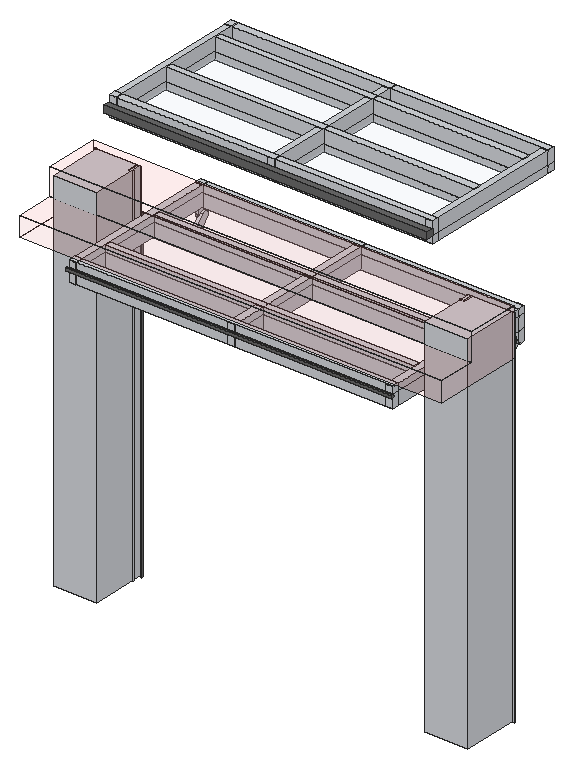
Revit family "Door_Overhead-Fold_CarriageHouse_Urban-Mid-Fold_Glazed", category Doors, host Wall, Revit 2026
Family settings
  Host = Wall
  Classification Number = 23.30.10.17.37
  Always vertical = Yes
  Cut with Voids When Loaded = No
  Shared = No
  Room Calculation Point = No
Parameters (values of type "Manual Operation")
  Weatherstripping Color [instance] = Finish - Black
  URL = "https://www.carriagedoor.com/"
  Thickness = 0' - 0"  # constant formula
  Rough Width = 0' - 0"  # constant formula
  Rough Height = 0' - 0"  # constant formula
  Projection_Interior [instance] = -(((Opening Height * 0.51) / 2) + 0' 2 1/2")  # -2' - 2.98"
  Projection_Exterior [instance] = (Opening Height * 0.51) + Projection_Interior  # 1' - 9.98"
  Product Data = "https://www.arcat.com/arcatcos/cos42/arc42007.html"
  Panel Width [instance] = Opening Width - 0' 1"  # 7' - 11"
  Panel Height [instance] = Opening Height - 0' 0 1/2"  # 7' - 11 1/2"
  Opening Width [instance] = 8' - 0"
  Opening Height [instance] = 8' - 0"
  Motorized = no
  Model = "as Specified"
  Max Width [instance] = 90' - 0"  # constant formula
  Max Height [instance] = 30' - 0"  # constant formula
  Manufacturer = "Carriage House"
  Keynote = "8000"
  Height = 0' - 0"  # constant formula
  Headroom Clearance Visible [instance] = yes
  Glazing Tint [instance] = Glass - Clear
  Glazing Thickness [instance] = 0' - 0"
  Function = Interior
  Fire Rating = "as Specified"
  Face Thickness_Exterior [instance] = 0' - 2"
  Door Open Position [instance] = not(Door Closed Position)  # yes
  Door Closed Position [instance] = no
  Description = "Renlita Overhead Folding Door - S-3000 as Specified"
  Wall Closure = By host
  Width = 0' - 0"  # constant formula
  Copyright = "©Arcat Inc."
  Clear Opening Width [instance] = Opening Width - 0' 5"  # 7' - 7"
  Clear Opening Height [instance] = 0' - 0"
  Assembly Code = "B2030"
Types (2): name | Projection_Interior | Projection_Exterior | Panel Height | Opening Height | Motorized | Glazing Thickness
  Manual Operation | -2' - 2.98" | 1' - 9.98" | 7' - 11 1/2" | 8' - 0" | no | 0' - 0"
  Motorized | -3' - 3.22" | 2' - 10.22" | 11' - 11 1/2" | 12' - 0" | yes | 0' - 0 1/4"
Reference planes (in)
  plane 1 "Center (Front/Back)": y = 1.6426
  plane 2: z = 0
  plane 3 "Center (Left/Right)": x = -0.5
  plane 4 "Left": x = -48.5
  plane 5 "Right": x = 47.5
  plane 6 "Bottom": z = 0
  plane 7 "Wall Interior": y = -1.3574
  plane 8 "Wall Exterior": y = 4.6426
  plane 9: z = 96
  plane 10: x = -48
  plane 11: x = 47
  plane 12: z = 95.5
  plane 13: z = 93.5
  plane 14: z = 89.5
  plane 15: z = 84.5
  plane 16: z = 90.5
  plane 17: z = 83.5
Forms (in)
  Extrusion 1, void
    sketch origin (-64.1465, -1.3574, 48) x (1, 0, 0) y (0, 0, 1)
      loop
        line (66.6465, -48) -> (66.6465, -45) -> (60.6465, -45) -> (60.6465, -48) -> (66.6465, -48)
    from 0 to 12.04688
  Extrusion 2, void
    sketch origin (-64.1465, -1.3574, 48) x (-1, 0, 0) y (0, 0, 1)
      loop
        line (-58.6465, -48) -> (-56.6465, -48) -> (-56.6465, -47) -> (-58.6465, -47) -> (-58.6465, -48)
    from -26.98 <- "Projection_Interior" to 21.98 <- "Projection_Exterior"
  Extrusion 3, void
    sketch origin (-64.1465, -1.3574, 48) x (-1, 0, 0) y (0, 0, 1)
      loop
        line (-64.8965, -48) -> (-64.8965, -47) -> (-66.8965, -47) -> (-66.8965, -48) -> (-64.8965, -48)
    from 32.22 to -1.875
Lines and regions (in)
  Opening 1
    outline origin (-60, -1.3574, 0) x (1, 0, 0) y (0, 0, 1)
      loop
        line (11.5, 0) -> (107.5, 0) -> (59.5, 0) -> (11.5, 0)
  Opening 2
    outline origin (-60, -1.3574, 0) x (1, 0, 0) y (0, 0, 1)
      loop
        line (11.5, 96) -> (11.5, 0) -> (107.5, 0) -> (107.5, 96) -> (11.5, 96)
Text (in)
  text "EXTERIOR" at (-58.6888, 13.80127, 0), in view "Plan"
  text "INTERIOR" at (-58.6888, -8.43329, 0), in view "Plan"
  text "Exterior" at (0, 43.65631, 123.19604), in view "Left"
  text "Exterior" at (0, 18.29385, 125.04747), in view "Right"
Dimensions and locks (in)
  equal spacing: plane 4 "Left", plane 3 "Center (Left/Right)", plane 5 "Right"
  "Opening Width": plane 4 "Left" to plane 5 "Right"
  "Opening Height": plane 9 to plane 6 "Bottom"
  equal spacing: plane 10, plane 3 "Center (Left/Right)", plane 11
  "Panel Width": plane 10 to plane 11
  locked: plane 9 to plane 12 at 0.5
  "Face Thickness_Exterior": plane 13 to plane 12
  plane 14 to plane 13 = 0' - 4"
  locked: plane 15 to plane 14 at 5
  locked: plane 14 to plane 16 at 1
  locked: plane 17 to plane 15 at 1
  nested 5 to plane 17 = 4' - 0"
  aligned and locked: plane 2 to level
  aligned and locked: plane 6 "Bottom" to plane 2
  aligned and locked: host wall to plane 1 "Center (Front/Back)"
  aligned and locked: plane 7 "Wall Interior" to host wall
  aligned and locked: plane 8 "Wall Exterior" to host wall
  aligned and locked: Opening 2 sketch curve to plane 9
  aligned and locked: Opening 2 sketch curve to plane 4 "Left"
  aligned and locked: Opening 2 sketch curve to plane 6 "Bottom"
  aligned and locked: plane 5 "Right" to Opening 2 sketch curve
  aligned and locked: nested 1 to Extrusion 1
  aligned and locked: plane 3 "Center (Left/Right)" to nested 1
  aligned and locked: nested 2 to Extrusion 3
  aligned and locked: Extrusion 3 to nested 3
  aligned and locked: nested 4 to Extrusion 2
  aligned and locked: nested 3 to plane 12
  aligned and locked: plane 16 to nested 4
  aligned and locked: nested 1 to plane 15
  aligned and locked: nested 5 to Extrusion 3
Automatic sketch dimensions
  Opening 1 sketch curve to level = 0' - 0"
  plane 4 "Left" to Opening 1 sketch curve = 0' - 0"
  Opening 1 sketch curve to plane 3 "Center (Left/Right)" = 0' - 0"  (x2)
  plane 5 "Right" to Opening 1 sketch curve = 0' - 0"
  Extrusion 1 sketch curve to level = 0' - 0"
  Extrusion 1 sketch curve to plane 3 "Center (Left/Right)" = 0' - 3"
  plane 3 "Center (Left/Right)" to Extrusion 1 sketch curve = 0' - 3"
  level to Extrusion 1 sketch curve = 0' - 3"
  Extrusion 2 sketch curve to Extrusion 1 = 0' - 0"
  Extrusion 1 to Extrusion 2 sketch curve = 0' - 4"
  Extrusion 2 sketch curve to Extrusion 2 sketch curve = 0' - 2"
  Extrusion 2 sketch curve to Extrusion 1 = 0' - 1"
  Extrusion 3 sketch curve to Extrusion 1 = 0' - 0"
  Extrusion 3 sketch curve to Extrusion 1 = 0' - 1 3/4"
  Extrusion 1 to Extrusion 3 sketch curve = 0' - 0 1/4"
  Extrusion 3 sketch curve to Extrusion 1 = 0' - 1"
Nested families (in)
  nested 1: "s3000Frame" at (-0.5, -1.3574, 0), motorized <- "Motorized", headroom clearance <- "Headroom Clearance Visible", door up <- "Door Open Position", door down <- "Door Closed Position", op width <- "Opening Width", op height <- "Opening Height", exterior face thickness <- "Face Thickness_Exterior", weatherstripping color <- "Weatherstripping Color", type "s3000Frame"
    with weatherstripping color Finish - Black, sizecalc_weighttotal 768, sizecalc_steel total 2713.7809, sizecalc_pullysize 6, sizecalc_paneltop 4' - 0.96", sizecalc_panelbottom 3' - 10.665", sizecalc_jambwidth 13.8101, sizecalc_jambdepth 16.0038, sizecalc_headroomreq 14, sizecalc_glass weight 448, sizecalc_door weight 320, sizecalc_counter travel 39.51, sizecalc_counter size 7.8101, sizecalc_counter height 44.49, sizecalc_counter area 60.9975, sizecalc_axleup 0, sizecalc_axledown 0, shroud backset 0' - 0 1/4", pullysize 0' - 6", panel frame thickness 0' - 4", op width 8' - 0", op height 8' - 0", motorized no, jamb width 1' - 2", jamb depth 1' - 4", interior projection 2' - 2.98", headroom required 1' - 2", headroom clearance yes, frame finish none, exterior projection 1' - 9.98", exterior face thickness 0' - 2", door up yes, door rise 0' - 6", door down no, counterweightheight 3' - 8.49", clearance material ARCAT Clearance, camup no, camdown no, Frame Material none
  nested 2: "s3000PanelGlazedBottom" at (-0.5, -0.2324, 0) x (-1, 0, 0) z (0, 0, 1), motorized <- "Motorized", weatherstripping <- "Weatherstripping Color", Glazing Tint <- "Glazing Tint", glazing thickness <- "Glazing Thickness", Width <- "Opening Width", Exterior Face Thickness <- "Face Thickness_Exterior", Height <- "Opening Height", visible <- "Door Closed Position", type "Frame with Windows"
    with weatherstripping Finish - Black, verticalcontrol 3, railwidth 7' - 7", railheightthickness 0' - 3 15/16", railheightfacethickness 0' - 1 15/16", rail height 3' - 8.415", op width 8' - 0", negloc -0' - 0 3/8", motorized no, midrailvis yes, midrailcount 1.5925, midrailcontrol 2, interiorswing 0' - 0", glazing thickness 0' - 0", frame finish none, borderrailwidth 7' - 11", actualheight 3' - 10.665", actualglazingthickness -0' - 0 5/8", Width 8' - 0", Vertical Count 3, MidRail Count 2, Interior Face Thickness 0' - 0 1/2", Interior Face Material none, Interior Face yes, Height 8' - 0", Glazing Tint Glass - Clear, Frame Thickness 0' - 4", Frame Material none, Exterior Face Thickness 0' - 2", Exterior Face Material none
  nested 3: "s3000PanelGlazedTop" at (-0.5, -0.2324, 47.04), motorized <- "Motorized", weatherstripping <- "Weatherstripping Color", Glazing Tint <- "Glazing Tint", glazing thickness <- "Glazing Thickness", Width <- "Opening Width", Height <- "Opening Height", Exterior Face Thickness <- "Face Thickness_Exterior", visible <- "Door Closed Position", type "Frame with Windows"
    with weatherstripping Finish - Black, verticalcontrol 3, railwidth 7' - 7", railheightthickness 0' - 3 15/16", railheightfacethickness 0' - 1 15/16", rail height 8' - 0", op width 8' - 0", negloc -0' - 0 3/8", motorized no, midrailvis yes, midrailcount 1.6922, midrailcontrol 2, interiorswing 0' - 0", glazing thickness 0' - 0", frame finish none, borderrailwidth 7' - 11", actualheight 4' - 0.46", actualglazingthickness -0' - 0 5/8", Width 8' - 0", Vertical Count 3, Up no, MidRail Count 2, Interior Face Thickness 0' - 0 1/2", Interior Face Material none, Interior Face yes, Height 8' - 0", Glazing Tint Glass - Clear, Frame Thickness 0' - 4", Frame Material none, Exterior Face Thickness 0' - 2", Exterior Face Material none
  nested 4: "s3000PanelGlazedTop" at (-0.5, 20.1226, 93.5) x (1, 0, 0) z (0, -1, 0), motorized <- "Motorized", weatherstripping <- "Weatherstripping Color", Glazing Tint <- "Glazing Tint", glazing thickness <- "Glazing Thickness", Width <- "Opening Width", Height <- "Opening Height", Exterior Face Thickness <- "Face Thickness_Exterior", visible <- "Door Open Position", type "Frame with Windows"
    with weatherstripping Finish - Black, verticalcontrol 3, railwidth 7' - 7", railheightthickness 0' - 3 15/16", railheightfacethickness 0' - 1 15/16", rail height 8' - 0", op width 8' - 0", negloc -0' - 0 3/8", motorized no, midrailvis yes, midrailcount 1.6922, midrailcontrol 2, interiorswing 0' - 0", glazing thickness 0' - 0", frame finish none, borderrailwidth 7' - 11", actualheight 4' - 0.46", actualglazingthickness -0' - 0 5/8", Width 8' - 0", Vertical Count 3, Up yes, MidRail Count 2, Interior Face Thickness 0' - 0 1/2", Interior Face Material none, Interior Face yes, Height 8' - 0", Glazing Tint Glass - Clear, Frame Thickness 0' - 4", Frame Material none, Exterior Face Thickness 0' - 2", Exterior Face Material none
  nested 5: "s3000PanelGlazedBottom" at (-0.5, -15.8024, 128.5) x (-1, 0, 0) z (0, 1, 0), weatherstripping <- "Weatherstripping Color", Glazing Tint <- "Glazing Tint", glazing thickness <- "Glazing Thickness", Width <- "Opening Width", Exterior Face Thickness <- "Face Thickness_Exterior", Height <- "Opening Height", visible <- "Door Open Position", type "Frame with Windows"
    with weatherstripping Finish - Black, verticalcontrol 3, railwidth 7' - 7", railheightthickness 0' - 3 15/16", railheightfacethickness 0' - 1 15/16", rail height 3' - 8.415", op width 8' - 0", negloc -0' - 0 3/8", motorized no, midrailvis yes, midrailcount 1.5925, midrailcontrol 2, interiorswing 0' - 0", glazing thickness 0' - 0", frame finish none, borderrailwidth 7' - 11", actualheight 3' - 10.665", actualglazingthickness -0' - 0 5/8", Width 8' - 0", Vertical Count 3, MidRail Count 2, Interior Face Thickness 0' - 0 1/2", Interior Face Material none, Interior Face yes, Height 8' - 0", Glazing Tint Glass - Clear, Frame Thickness 0' - 4", Frame Material none, Exterior Face Thickness 0' - 2", Exterior Face Material none
Definition of nested family "s3000Frame"
  Parameters
    weatherstripping color [instance] = none
    sizecalc_weighttotal [instance] = sizecalc_door weight + sizecalc_glass weight  # 1323
    sizecalc_steel total [instance] = sizecalc_weighttotal / 0.283  # 4674.9117
    sizecalc_pullysize [instance] = if(sizecalc_weighttotal / 2 < 400, 6, if(sizecalc_weighttotal / 2 < 1200, 8, if(sizecalc_weighttotal / 2 < 2400, 10, 14)))  # 8
    sizecalc_paneltop [instance] = (op height * 0.51)  # 5' - 4.26"
    sizecalc_panelbottom [instance] = op height - sizecalc_paneltop - 0' 0 3/8"  # 5' - 1.365"
    sizecalc_jambwidth [instance] = sizecalc_counter size + 6  # 14.8872
    sizecalc_jambdepth [instance] = ((op height / 0' 1") ^ 0.4385) * 2.1627  # 18.0305
    sizecalc_headroomreq [instance] = sizecalc_pullysize + 8  # 16
    sizecalc_glass weight [instance] = (((op width / 1' 0") * (op height / 1' 0"))) * 7  # 771.75
    sizecalc_door weight [instance] = (((op width / 1' 0") * (op height / 1' 0"))) * 5  # 551.25
    sizecalc_counter travel [instance] = (sizecalc_paneltop / 0' 1") - 9.45  # 54.81
    sizecalc_counter size [instance] = sqrt(sizecalc_counter area)  # 8.8872
    sizecalc_counter height [instance] = (op height / 0' 1") - sizecalc_counter travel - 12  # 59.19
    sizecalc_counter area [instance] = sizecalc_steel total / sizecalc_counter height  # 78.9814
    sizecalc_axleup [instance] = 0  # constant formula
    sizecalc_axledown [instance] = 0  # constant formula
    shroud backset [instance] = if(motorized, 0' 1 5/16", 0' 0 1/4")  # 0' - 1 5/16"
    pullysize [instance] = sizecalc_pullysize * 0' 1"  # 0' - 8"
    panel frame thickness [instance] = if(op width < 8' 0", 0' 3", if(op width < 14' 0", 0' 4", if(op width < 20' 0", 0' 5", if(op width < 26' 0", 0' 6", 0' 8"))))  # 0' - 4"
    op width [instance] = 10' - 6"
    op height [instance] = 10' - 6"
    motorized [instance] = yes
    jamb width [instance] = round(sizecalc_jambwidth) * 0' 1"  # 1' - 3"
    jamb depth [instance] = rounddown(sizecalc_jambdepth) * 0' 1"  # 1' - 6"
    interior projection [instance] = (sizecalc_paneltop / 2) + 0' 2 1/2"  # 2' - 10.63"
    headroom required [instance] = sizecalc_headroomreq * 0' 1"  # 1' - 4"
    headroom clearance [instance] = yes
    frame finish [instance] = none
    exterior projection [instance] = sizecalc_paneltop - interior projection  # 2' - 5.63"
    exterior face thickness [instance] = 0' - 2 3/8"
    door up [instance] = yes
    door rise [instance] = round(((op height / 0' 1") * 0.05) + 0.97) * 0' 1"  # 0' - 7"
    door down [instance] = yes
    counterweightheight [instance] = sizecalc_counter height * 0' 1"  # 4' - 11.19"
    clearance material [instance] = none
    camup [instance] = and(motorized, door up)  # yes
    camdown [instance] = and(motorized, door down)  # yes
    Frame Material [instance] = none
    Default Elevation = 0' - 0"
  Reference planes (in)
    plane 1 "Center (Front/Back)": y = 0
    plane 2: z = 0
    plane 3 "Center (Left/Right)": x = 0
    plane 4: x = -63
    plane 5: x = 63
    plane 6: x = -78
    plane 7: x = -77
    plane 8: x = 78
    plane 9: x = 77
    plane 10: x = -64.3125
    plane 11: x = 64.3125
    plane 12: y = -18
    plane 13: z = 126
    plane 14: z = 142
    plane 15: z = 138
    plane 16: y = -34.63
    plane 17: y = 29.63
    plane 18: z = 133
    plane 19: x = -62.5
    plane 20: x = 62.5
    plane 21: x = -60.5
    plane 22: x = 60.5
    plane 23: y = -4
    plane 24: z = 125.5
    plane 25: z = 123.125
    plane 26: z = 119.125
    plane 27: z = 114.125
  Forms (in)
    Extrusion 1, solid, material <- "frame finish"
      sketch origin (0, 0, 0) x (1, 0, 0) y (0, 1, 0)
        loop
          line (-63, 0) -> (-65.375, 0) -> (-65.375, -2.875) -> (-63, -2.875) -> (-63, -2.75) -> (-65.25, -2.75) -> (-65.25, -0.125) -> (-63, -0.125) -> (-63, 0)
        loop
          line (63, 0) -> (63, -0.125) -> (65.25, -0.125) -> (65.25, -2.75) -> (63, -2.75) -> (63, -2.875) -> (65.375, -2.875) -> (65.375, 0) -> (63, 0)
      from 0 to 138
    Extrusion 2, solid, material <- "frame finish"
      sketch origin (0, 0, 0) x (1, 0, 0) y (0, 1, 0)
        loop
          line (-78, 0) -> (-78, -0.0625) -> (-77, -0.0625) -> (-77, -18) -> (-64.3125, -18) -> (-64.3125, 0) -> (-78, 0)
        loop
          line (78, 0) -> (64.3125, 0) -> (64.3125, -18) -> (77, -18) -> (77, -0.0625) -> (78, -0.0625) -> (78, 0)
      from 0 to 138
    Extrusion 3, solid, material <- "frame finish", visible <- "motorized"
      sketch origin (0, 0, 0) x (1, 0, 0) y (0, 1, 0)
        loop
          line (-64, -2.875) -> (-66, -2.875) -> (-66, -4.875) -> (-64, -4.875) -> (-64, -2.875)
        loop
          line (64, -2.875) -> (64, -4.875) -> (66, -4.875) -> (66, -2.875) -> (64, -2.875)
      from 0 to 138
    Extrusion 4, solid, material <- "frame finish", visible <- "motorized"
      sketch origin (0, 0, 0) x (1, 0, 0) y (0, 1, 0)
        loop
          line (-66, -4.875) -> (-66, -8.875) -> (-64, -8.875) -> (-64, -7.75) -> (-64.125, -7.75) -> (-64.125, -8.75) -> (-65.875, -8.75) -> (-65.875, -5) -> (-64.125, -5) -> (-64.125, -6) -> (-64, -6) -> (-64, -4.875) -> (-66, -4.875)
        loop
          line (66, -4.875) -> (64, -4.875) -> (64, -6) -> (64.125, -6) -> (64.125, -5) -> (65.875, -5) -> (65.875, -8.75) -> (64.125, -8.75) -> (64.125, -7.75) -> (64, -7.75) -> (64, -8.875) -> (66, -8.875) -> (66, -4.875)
      from 0 to 138
    Extrusion 5, solid, material <- "frame finish", visible <- "motorized"
      sketch origin (0, 0, 0) x (0, 1, 0) y (0, 0, 1)
        loop
          circle (-6.875, 136) r 0.8125
      from -64.3125 to 64.3125
    Extrusion 6, solid, material <- "weatherstripping color"
      sketch origin (0, 0, 0) x (1, 0, 0) y (0, 1, 0)
        loop
          line (-63, 0) -> (-63, -0.25) -> (-62.5, -0.25) -> (-62.5, 0) -> (-63, 0)
        loop
          line (63, 0) -> (62.5, 0) -> (62.5, -0.25) -> (63, -0.25) -> (63, 0)
      from 0 to 126
    Extrusion 7, solid, material <- "clearance material", visible <- "headroom clearance"
      sketch origin (0, 0, 0) x (0, 1, 0) y (0, 0, 1)
        loop
          line (0, 126) -> (0, 142) -> (-18, 142) -> (-18, 133) -> (-34.63, 133) -> (-34.63, 126) -> (0, 126)
      from -78 to 78
    Sweep 8, solid, material <- "Frame Material", visible <- "camup"
      path origin (-60, -6.48459, 137.23091) x (-1, 0, 0) y (0, 0, 1)
        loop
          line (2.5, -23.10591) -> (0.5, -23.10591)
      profile origin (-61.5, -6.48459, 114.125) x (0, 0, -1) y (0, 1, 0)
        loop
          line (-2.43714, 1.36129) -> (-4.6462, -9.03153) -> (0, -10.01911) -> (0.07797, -9.6523) -> (-2.12287, -9.1845) -> (0.00823, 0.84151) -> (-2.43714, 1.36129)
        loop
          line (-4.20143, -8.74269) -> (-2.48967, -9.10654) -> (-0.43654, 0.55267) -> (-2.1483, 0.91652) -> (-4.20143, -8.74269)
    Sweep 9, solid, material <- "Frame Material", visible <- "camup"
      path origin (60, -6.48459, 137.23091) x (1, 0, 0) y (0, 0, -1)
        loop
          line (2.5, 23.10591) -> (0.5, 23.10591)
      profile origin (61.5, -6.48459, 114.125) x (0, 0, 1) y (0, 1, 0)
        loop
          line (2.43714, 1.36129) -> (-0.00823, 0.84151) -> (2.12287, -9.1845) -> (-0.07797, -9.6523) -> (0, -10.01911) -> (4.6462, -9.03153) -> (2.43714, 1.36129)
        loop
          line (4.20143, -8.74269) -> (2.1483, 0.91652) -> (0.43654, 0.55267) -> (2.48967, -9.10654) -> (4.20143, -8.74269)
  Lines and regions (in)
    reference lines
      curve 1: line (-63, 0, 0) -> (-77, -18, 0)
      curve 2: line (63, 0, 0) -> (77, -18, 0)
  Dimensions and locks (in)
    equal spacing: plane 4, plane 3 "Center (Left/Right)", plane 5
    "op width": plane 4 to plane 5
    "jamb width": plane 6 to plane 4
    plane 6 to plane 7 = 0' - 1"
    "shroud backset": plane 10 to plane 4
    "shroud backset": plane 5 to plane 11
    plane 9 to plane 8 = 0' - 1"
    "jamb width": plane 5 to plane 8
    "jamb depth": plane 12 to plane 1 "Center (Front/Back)"
    Extrusion 3 sketch curve to Extrusion 3 sketch curve to plane 4 = 0' - 2" locked, 0' - 1" locked
    plane 5 to Extrusion 3 sketch curve to Extrusion 3 sketch curve = 0' - 1" locked, 0' - 2" locked
    Extrusion 4 sketch curve to Extrusion 4 sketch curve to Extrusion 4 sketch curve to Extrusion 4 sketch curve to plane 4 = 0' - 0 1/8" locked, 0' - 1 3/4" locked, 0' - 0 1/8" locked, 0' - 1" locked
    Extrusion 4 sketch curve to Extrusion 4 sketch curve to plane 4 = 0' - 0 1/8" locked, 0' - 1" locked
    plane 5 to Extrusion 4 sketch curve to Extrusion 4 sketch curve to Extrusion 4 sketch curve to Extrusion 4 sketch curve = 0' - 1" locked, 0' - 0 1/8" locked, 0' - 1 3/4" locked, 0' - 0 1/8" locked
    plane 5 to Extrusion 4 sketch curve to Extrusion 4 sketch curve = 0' - 1" locked, 0' - 0 1/8" locked
    "op height": plane 13 to level
    "exterior projection": plane 1 "Center (Front/Back)" to plane 17
    "interior projection": plane 16 to plane 1 "Center (Front/Back)"
    "door rise": plane 18 to plane 13
    locked: plane 4 to plane 19 at 0.5
    locked: plane 20 to plane 5 at 0.5
    locked: plane 21 to plane 19 at 2
    locked: plane 22 to plane 20 at 2
    "panel frame thickness": plane 23 to plane 1 "Center (Front/Back)"
    Extrusion 4 sketch curve to Extrusion 4 sketch curve to Extrusion 4 sketch curve to Extrusion 4 sketch curve to Extrusion 4 sketch curve to Extrusion 4 sketch curve to plane 1 "Center (Front/Back)" = 0' - 0 1/8" locked, 0' - 1" locked, 0' - 1 3/4" locked, 0' - 1" locked, 0' - 0 1/8" locked, 0' - 4 7/8" locked  (x2)
    Extrusion 3 sketch curve to Extrusion 3 sketch curve to plane 1 "Center (Front/Back)" = 0' - 2" locked, 0' - 2 7/8" locked  (x2)
    Extrusion 1 sketch curve to Extrusion 1 sketch curve to Extrusion 1 sketch curve to plane 1 "Center (Front/Back)" = 0' - 0 1/8" locked, 0' - 2 5/8" locked, 0' - 0 1/8" locked  (x2)
    locked: plane 15 to Extrusion 5 sketch curve at 2
    locked: Extrusion 5 sketch curve to plane 1 "Center (Front/Back)" at 6.875
    locked: Extrusion 6 sketch curve to plane 1 "Center (Front/Back)" at 0.25  (x2)
    locked: plane 15 to plane 13 at 12
    "headroom required": plane 14 to plane 13
    locked: plane 13 to plane 24 at 0.5
    "exterior face thickness": plane 24 to plane 25
    "panel frame thickness": plane 25 to plane 26
    locked: plane 26 to plane 27 at 5
    aligned and locked: plane 2 to level
    aligned and locked: Extrusion 2 sketch curve to plane 10
    aligned and locked: Extrusion 2 sketch curve to plane 12
    aligned and locked: Extrusion 2 sketch curve to plane 7
    aligned and locked: Extrusion 2 sketch curve to plane 6
    aligned and locked: plane 8 to Extrusion 2 sketch curve
    aligned and locked: plane 9 to Extrusion 2 sketch curve
    aligned and locked: Extrusion 2 sketch curve to plane 11
    aligned and locked: plane 15 to Extrusion 2
    aligned and locked: plane 15 to Extrusion 4
    aligned and locked: plane 15 to Extrusion 3
    aligned and locked: plane 15 to Extrusion 1
    aligned and locked: plane 11 to Extrusion 5
    aligned and locked: Extrusion 5 to plane 10
    aligned and locked: curve 1 to plane 7
    aligned and locked: plane 12 to curve 1
    aligned and locked: plane 4 to curve 1
    aligned and locked: curve 1 to plane 1 "Center (Front/Back)"
    aligned and locked: plane 9 to curve 2
    aligned and locked: curve 2 to plane 12
    aligned and locked: plane 5 to curve 2
    aligned and locked: plane 1 "Center (Front/Back)" to curve 2
    aligned and locked: Extrusion 6 sketch curve to plane 19
    aligned and locked: plane 4 to Extrusion 6 sketch curve
    aligned and locked: Extrusion 6 sketch curve to plane 1 "Center (Front/Back)"  (x2)
    aligned and locked: plane 20 to Extrusion 6 sketch curve
    aligned and locked: plane 5 to Extrusion 6 sketch curve
    aligned and locked: plane 13 to Extrusion 6
    aligned and locked: plane 1 "Center (Front/Back)" to Extrusion 7 sketch curve
    aligned and locked: Extrusion 7 sketch curve to plane 12
    aligned and locked: plane 18 to Extrusion 7 sketch curve
    aligned and locked: Extrusion 7 sketch curve to plane 13
    aligned and locked: Extrusion 7 sketch curve to plane 16
    aligned and locked: plane 14 to Extrusion 7 sketch curve
    aligned and locked: plane 8 to Extrusion 7
    aligned and locked: Extrusion 7 to plane 6
    aligned and locked: plane 27 to Sweep 8 sketch curve
    aligned and locked: plane 19 to Sweep 8 sketch curve
    aligned and locked: Sweep 8 sketch curve to plane 21
    aligned and locked: plane 27 to Sweep 9 sketch curve
    aligned and locked: plane 20 to Sweep 9 sketch curve
    aligned and locked: Sweep 9 sketch curve to plane 22
  Automatic sketch dimensions
    Extrusion 1 sketch curve to plane 1 "Center (Front/Back)" = 0' - 0"
    Extrusion 1 sketch curve to plane 4 = 0' - 0"  (x2)
    plane 1 "Center (Front/Back)" to Extrusion 1 sketch curve = 0' - 0"
    Extrusion 1 sketch curve to plane 5 = 0' - 0"  (x2)
    Extrusion 1 sketch curve to plane 10 = 0' - 0 15/16"
    Extrusion 1 sketch curve to Extrusion 1 sketch curve = 0' - 0 1/8"  (x2)
    Extrusion 1 sketch curve to plane 11 = 0' - 0 15/16"
    plane 12 to Extrusion 2 sketch curve = 0' - 0"
    Extrusion 2 sketch curve to plane 1 "Center (Front/Back)" = 0' - 0"
    plane 1 "Center (Front/Back)" to Extrusion 2 sketch curve = 0' - 0"
    plane 1 "Center (Front/Back)" to Extrusion 2 sketch curve = 0' - 0 1/16"  (x2)
    Sweep 8 sketch curve to profile plane = 0' - 0"
    profile plane to Sweep 8 sketch curve = 0' - 0.43654"
    profile plane to Sweep 8 sketch curve = 0' - 2.12287"
    profile plane to Sweep 8 sketch curve = 0' - 0.91652"
    Sweep 8 sketch curve to Sweep 8 sketch curve = 0' - 1.71176"
    Sweep 8 sketch curve to Sweep 8 sketch curve = 0' - 0.28884"  (x3)
    Sweep 8 sketch curve to Sweep 8 sketch curve = 0' - 0.36681"
    Sweep 8 sketch curve to Sweep 8 sketch curve = 0' - 0.44477"
    Sweep 8 sketch curve to profile plane = 0' - 0.00823"
    profile plane to Sweep 8 sketch curve = 0' - 0.84151"
    profile plane to Sweep 9 sketch curve = 0' - 0"
    profile plane to Sweep 9 sketch curve = 0' - 0.00823"
    profile plane to Sweep 9 sketch curve = 0' - 0.07797"
    Sweep 9 sketch curve to profile plane = 0' - 0.43654"
    Sweep 9 sketch curve to profile plane = 0' - 2.12287"
    profile plane to Sweep 9 sketch curve = 0' - 0.91652"
    Sweep 9 sketch curve to Sweep 9 sketch curve = 0' - 1.71176"
    Sweep 9 sketch curve to Sweep 9 sketch curve = 0' - 0.28884"  (x3)
    Sweep 9 sketch curve to Sweep 9 sketch curve = 0' - 0.36681"
    profile plane to Sweep 9 sketch curve = 0' - 0.84151"
    radius of Extrusion 5 sketch curve = 0' - 0 13/16"
Definition of nested family "s3000PanelGlazedBottom"
  Parameters
    weatherstripping [instance] = none
    verticalcontrol [instance] = if(Vertical Count < 2, 2, Vertical Count)  # 4
    railwidth [instance] = Width - (0' 2" * 2) - 0' 1"  # 11' - 7"
    railheightthickness [instance] = if(1 = 1, Frame Thickness - 0' 0 1/16", 0' 0")  # 0' - 3 15/16"
    railheightfacethickness [instance] = if(1 = 1, Exterior Face Thickness - 0' 0 1/16", 0' 0")  # 0' - 1 15/16"
    rail height [instance] = actualheight - Bottom Gap  # 5' - 7.935"
    op width [instance] = Width  # 12' - 0"
    negloc [instance] = -0' - 0 3/8"  # constant formula
    motorized [instance] = yes
    midrailvis [instance] = midrailcount > 1  # yes
    midrailcount [instance] = ((actualheight - 1' 6") / 1' 6")  # 2.8992
    midrailcontrol [instance] = if(MidRail Count < 2, 2, MidRail Count)  # 3
    interiorswing [instance] = 0' - 0"  # constant formula
    glazing thickness [instance] = 0' - 0 1/4"
    frame finish [instance] = none
    borderrailwidth [instance] = Width - 0' 1"  # 11' - 11"
    actualheight [instance] = Height * 0.49 - 0' 0 3/8"  # 5' - 10.185"
    actualglazingthickness [instance] = if(glazing thickness = 0' 0", negloc - 0' 0 1/4", -glazing thickness + negloc)  # -0' - 0 5/8"
    Width [instance] = 12' - 0"
    Vertical Count [instance] = Width / 3' 0"  # 4
    MidRail Count [instance] = (actualheight - 1' 6") / 1' 6"  # 3
    Interior Face Thickness [instance] = 0' - 2"
    Interior Face Material [instance] = none
    Interior Face [instance] = yes
    Height [instance] = 12' - 0"
    Glazing Tint [instance] = none
    Frame Thickness [instance] = if(op width < 8' 0", 0' 3", if(op width < 14' 0", 0' 4", if(op width < 20' 0", 0' 5", if(op width < 26' 0", 0' 6", 0' 8"))))  # 0' - 4"
    Frame Material [instance] = none
    Exterior Face Thickness [instance] = 0' - 2"
    Exterior Face Material [instance] = none
    Default Elevation = 0' - 0"  # constant formula
    Frame Spacing = 1' - 6"
    Bottom Gap = 0' - 2 1/4"
  Reference planes (in)
    plane 1 "Back": y = 0
    plane 2: z = 0
    plane 3 "Center (Left/Right)": x = 0
    plane 4: z = 70.185
    plane 5 "Left": x = -71.5
    plane 6 "Right": x = 71.5
    plane 7 "Panel Insert": y = -4
    plane 8 "Ext. Face": y = -6
    plane 9: z = 2.25
    plane 10: y = 2
    plane 11: x = 72
    plane 12: x = -72
    plane 13: y = -4
    plane 14: y = -3
  Forms (in)
    Extrusion 1, solid, material <- "weatherstripping"
      sketch origin (0, 0, 0) x (0, 1, 0) y (0, 0, 1)
        loop
          line (0, 2.25) -> (-2, 2.25) -> (-2, 0.25) -> (0, 0.25) -> (0, 2.25)
      from -71.5 to 71.5
    Extrusion 2, solid, material <- "Glazing Tint"
      sketch origin (-60, 2, 48) x (-1, 0, 0) y (0, 0, 1)
        loop
          line (9.9375, -44.1875) -> (9.9375, 20.6225) -> (-129.9375, 20.6225) -> (-129.9375, -44.1875) -> (9.9375, -44.1875)
      from -0.625 <- "actualglazingthickness" to -0.375 <- "negloc"
    Sweep 3, solid, material <- "Frame Material", visible <- "motorized"
      path origin (60, -3.98774, 47.99084) x (1, 0, 0) y (0, 0, -1)
        loop
          line (11.5, 37.5) -> (9.5, 37.5)
      profile origin (70.5, -3.98774, 10.49084) x (0, 0, 1) y (0, 1, 0)
        loop
          line (11.3804, -2.43714) -> (10.86062, 0.00823) -> (0.83461, -2.12287) -> (0.36681, 0.07797) -> (0, 0) -> (0.98758, -4.6462) -> (11.3804, -2.43714)
        loop
          line (1.27642, -4.20143) -> (10.93563, -2.1483) -> (10.57178, -0.43654) -> (0.91257, -2.48967) -> (1.27642, -4.20143)
    Sweep 4, solid, material <- "Frame Material", visible <- "motorized"
      path origin (-60, -3.98774, 47.99084) x (-1, 0, 0) y (0, 0, 1)
        loop
          line (11.5, -37.5) -> (9.5, -37.5)
      profile origin (-70.5, -3.98774, 10.49084) x (0, 0, -1) y (0, 1, 0)
        loop
          line (-11.3804, -2.43714) -> (-0.98758, -4.6462) -> (0, 0) -> (-0.36681, 0.07797) -> (-0.83461, -2.12287) -> (-10.86062, 0.00823) -> (-11.3804, -2.43714)
        loop
          line (-1.27642, -4.20143) -> (-0.91257, -2.48967) -> (-10.57178, -0.43654) -> (-10.93563, -2.1483) -> (-1.27642, -4.20143)
  Lines and regions (in)
    model lines
      curve 1: line (-71.5, 2, 2.25) -> (0, 2, 70.185)
      curve 2: line (0, 2, 70.185) -> (71.5, 2, 2.25)
      curve 3: line (-71.5, -4, 2.25) -> (0, -4, 70.185)
      curve 4: line (0, -4, 70.185) -> (71.5, -4, 2.25)
  Dimensions and locks (in)
    equal spacing: plane 6 "Right", plane 3 "Center (Left/Right)", plane 5 "Left"
    "Width": plane 11 to plane 12
    "actualheight": plane 4 to level
    "Frame Thickness": plane 7 "Panel Insert" to plane 1 "Back"
    locked: plane 7 "Panel Insert" to plane 8 "Ext. Face" at 2
    "Bottom Gap": plane 9 to level
    equal spacing: group 1, group 2, group 3  (x3)
    "Exterior Face Thickness": plane 1 "Back" to plane 10
    locked: Extrusion 1 sketch curve to plane 1 "Back" at 2
    locked: plane 9 to Extrusion 1 sketch curve at 2
    locked: plane 11 to plane 6 "Right" at 0.5
    locked: plane 5 "Left" to plane 12 at 0.5
    "interiorswing": plane 7 "Panel Insert" to plane 13
    equal spacing: group 5, group 7, group 6, group 4
    equal spacing: group 4, group 6, group 7, group 5  (x2)
    locked: plane 6 "Right" to Extrusion 2 sketch curve at 1.5625
    locked: Extrusion 2 sketch curve to plane 9 at 1.5625
    locked: Extrusion 2 sketch curve to plane 5 "Left" at 1.5625
    locked: plane 4 to Extrusion 2 sketch curve at 1.5625
    "Frame Spacing": nested 1 to plane 9
    "Frame Spacing": nested 2 to nested 1
    locked: Sweep 3 sketch curve to level at 10.49084
    locked: plane 6 "Right" to Sweep 3 sketch curve at 2
    locked: Sweep 4 sketch curve to level at 10.49084
    locked: Sweep 4 sketch curve to plane 5 "Left" at 2
    locked: plane 14 to plane 13 at 1
    aligned and locked: level to plane 2
    aligned and locked: nested 1 to plane 1 "Back"
    aligned and locked: Extrusion 1 to plane 5 "Left"
    aligned and locked: plane 6 "Right" to Extrusion 1
    aligned and locked: plane 3 "Center (Left/Right)" to nested 1
    aligned and locked: plane 3 "Center (Left/Right)" to nested 2
    aligned and locked: nested 4 to plane 1 "Back"
    aligned and locked: plane 3 "Center (Left/Right)" to nested 5
    aligned and locked: plane 3 "Center (Left/Right)" to nested 4
    aligned and locked: nested 6 to plane 1 "Back"
    aligned and locked: nested 6 to plane 9
    aligned and locked: nested 7 to plane 5 "Left"
    aligned and locked: plane 6 "Right" to nested 6
    aligned and locked: nested 7 to plane 9
    aligned and locked: plane 6 "Right" to Sweep 3 sketch curve
    aligned and locked: plane 5 "Left" to Sweep 4 sketch curve
    aligned and locked: plane 4 to curve 3
    aligned and locked: plane 5 "Left" to curve 3
    aligned and locked: plane 9 to curve 3
    aligned and locked: plane 4 to curve 1
    aligned and locked: plane 5 "Left" to curve 1
    aligned and locked: plane 9 to curve 1
    aligned and locked: plane 3 "Center (Left/Right)" to curve 4
    aligned and locked: plane 6 "Right" to curve 4
    aligned and locked: plane 9 to curve 4
    aligned and locked: plane 3 "Center (Left/Right)" to curve 2
    aligned and locked: plane 9 to curve 2
    aligned and locked: plane 6 "Right" to curve 2
  Automatic sketch dimensions
    Extrusion 1 sketch curve to plane 1 "Back" = 0' - 0"
    Extrusion 1 sketch curve to plane 9 = 0' - 0"
    profile plane to Sweep 3 sketch curve = 0' - 0"
    Sweep 3 sketch curve to profile plane = 0' - 0"
    profile plane to Sweep 3 sketch curve = 0' - 0.07797"
    Sweep 3 sketch curve to profile plane = 0' - 0.36681"
    Sweep 3 sketch curve to profile plane = 0' - 0.83461"
    Sweep 3 sketch curve to Sweep 3 sketch curve = 0' - 0.07797"
    Sweep 3 sketch curve to profile plane = 0' - 0.98758"
    Sweep 3 sketch curve to Sweep 3 sketch curve = 0' - 0.28884"
    Sweep 3 sketch curve to profile plane = 0' - 0.43654"
    Sweep 3 sketch curve to Sweep 3 sketch curve = 0' - 9.65921"
    profile plane to Sweep 3 sketch curve = 0' - 0.00823"
    Sweep 3 sketch curve to Sweep 3 sketch curve = 0' - 0.44477"
    Sweep 4 sketch curve to profile plane = 0' - 0"  (x2)
    profile plane to Sweep 4 sketch curve = 0' - 0.07797"
    profile plane to Sweep 4 sketch curve = 0' - 0.36681"
    profile plane to Sweep 4 sketch curve = 0' - 0.83461"
    Sweep 4 sketch curve to Sweep 4 sketch curve = 0' - 0.07797"
    profile plane to Sweep 4 sketch curve = 0' - 0.98758"
    Sweep 4 sketch curve to Sweep 4 sketch curve = 0' - 0.28884"
    Sweep 4 sketch curve to profile plane = 0' - 0.43654"
    Sweep 4 sketch curve to Sweep 4 sketch curve = 0' - 9.65921"
    profile plane to Sweep 4 sketch curve = 0' - 0.00823"
    Sweep 4 sketch curve to Sweep 4 sketch curve = 0' - 0.44477"
  Nested families (in)
    nested 1: "PanelFrameHoriz" at (0, 0, 20.25), width <- "railwidth", thickness <- "Frame Thickness", frame <- "Frame Material", face thickness <- "Exterior Face Thickness", type "PanelFrameHoriz"
      with width 11' - 7", thickness 0' - 4", frame none, face thickness 0' - 2"
    nested 2: "PanelFrameHoriz" at (0, 0, 38.25), width <- "railwidth", thickness <- "Frame Thickness", frame <- "Frame Material", face thickness <- "Exterior Face Thickness", type "PanelFrameHoriz"
      with width 11' - 7", thickness 0' - 4", frame none, face thickness 0' - 2"
    nested 3: "PanelFrameHoriz" at (0, 0, 56.25), width <- "railwidth", thickness <- "Frame Thickness", frame <- "Frame Material", face thickness <- "Exterior Face Thickness", type "PanelFrameHoriz"
      with width 11' - 7", thickness 0' - 4", frame none, face thickness 0' - 2"
    nested 4: "PanelFrameHoriz" at (0, 0, 2.25), frame <- "Frame Material", width <- "borderrailwidth", thickness <- "Frame Thickness", face thickness <- "Exterior Face Thickness", type "PanelFrameHoriz"
      with width 11' - 11", thickness 0' - 4", frame none, face thickness 0' - 2"
    nested 5: "PanelFrameHoriz" at (0, 0, 68.185), frame <- "Frame Material", width <- "borderrailwidth", thickness <- "Frame Thickness", face thickness <- "Exterior Face Thickness", type "PanelFrameHoriz"
      with width 11' - 11", thickness 0' - 4", frame none, face thickness 0' - 2"
    nested 6: "PanelFrameHoriz" at (71.5, 0, 36.2175) x (0, 0, 1) z (-1, 0, 0), frame <- "Frame Material", width <- "rail height", thickness <- "railheightthickness", face thickness <- "railheightfacethickness", type "PanelFrameHoriz"
      with width 5' - 7.935", thickness 0' - 3 15/16", frame none, face thickness 0' - 1 15/16"
    nested 7: "PanelFrameHoriz" at (-69.5, 0, 36.2175) x (0, 0, 1) z (-1, 0, 0), frame <- "Frame Material", width <- "rail height", thickness <- "railheightthickness", face thickness <- "railheightfacethickness", type "PanelFrameHoriz"
      with width 5' - 7.935", thickness 0' - 3 15/16", frame none, face thickness 0' - 1 15/16"
    nested 8: "PanelFrameHoriz" at (24.5, 0, 36.2175) x (0, 0, 1) z (-1, 0, 0), frame <- "Frame Material", width <- "rail height", thickness <- "railheightthickness", face thickness <- "railheightfacethickness", type "PanelFrameHoriz"
      with width 5' - 7.935", thickness 0' - 3 15/16", frame none, face thickness 0' - 1 15/16"
    nested 9: "PanelFrameHoriz" at (-22.5, 0, 36.2175) x (0, 0, 1) z (-1, 0, 0), frame <- "Frame Material", width <- "rail height", thickness <- "railheightthickness", face thickness <- "railheightfacethickness", type "PanelFrameHoriz"
      with width 5' - 7.935", thickness 0' - 3 15/16", frame none, face thickness 0' - 1 15/16"
  Definition of nested family "PanelFrameHoriz"
    Parameters
      width [instance] = 4' - 4"
      thickness [instance] = 0' - 6.88085"
      frame [instance] = none
      face thickness [instance] = 0' - 1 3/4"
      Default Elevation = 4' - 0"
    Reference planes (in)
      plane 1 "Center (Front/Back)": y = 0
      plane 2: z = 0
      plane 3 "Center (Left/Right)": x = 0
      plane 4: x = -26
      plane 5: x = 26
      plane 6: y = -6.88085
      plane 7: y = 1.75
    Forms (in)
      Extrusion 1, solid, material <- "frame"
        sketch origin (0, 0, 0) x (0, 1, 0) y (0, 0, 1)
          loop
            line (0, 0) -> (0, 2) -> (-6.88085, 2) -> (-6.88085, 0) -> (0, 0)
        from -26 to 26
      Extrusion 2, solid, material <- "frame"
        sketch origin (0, 0, 0) x (0, 1, 0) y (0, 0, 1)
          loop
            line (0, 0) -> (1.75, 0) -> (1.75, 2) -> (0, 2) -> (0, 0)
        from -26 to 26
    Dimensions and locks (in)
      equal spacing: plane 4, plane 3 "Center (Left/Right)", plane 5
      "width": plane 4 to plane 5
      "thickness": plane 6 to plane 1 "Center (Front/Back)"
      "face thickness": plane 1 "Center (Front/Back)" to plane 7
      aligned and locked: plane 2 to level
      aligned and locked: Extrusion 1 to plane 6
      aligned and locked: Extrusion 1 to plane 5
      aligned and locked: Extrusion 1 to plane 4
      aligned and locked: Extrusion 2 to plane 4
      aligned and locked: plane 5 to Extrusion 2
      aligned and locked: Extrusion 2 to plane 7
    Automatic sketch dimensions
      Extrusion 1 sketch curve to level = 0' - 0"
      Extrusion 1 sketch curve to plane 1 "Center (Front/Back)" = 0' - 0"
      level to Extrusion 1 sketch curve = 0' - 2"
      plane 1 "Center (Front/Back)" to Extrusion 1 sketch curve = 0' - 6.88085"
      Extrusion 2 sketch curve to level = 0' - 0"
      Extrusion 2 sketch curve to plane 1 "Center (Front/Back)" = 0' - 0"
      Extrusion 2 sketch curve to plane 1 "Center (Front/Back)" = 0' - 1 3/4"
      Extrusion 2 sketch curve to Extrusion 2 sketch curve = 0' - 2"
Definition of nested family "s3000PanelGlazedTop"
  Parameters
    weatherstripping [instance] = none
    verticalcontrol [instance] = if(Vertical Count < 2, 2, Vertical Count)  # 3
    railwidth [instance] = Width - (0' 2" * 2) - 0' 1"  # 9' - 7"
    railheightthickness [instance] = if(1 = 1, Frame Thickness - 0' 0 1/16", 0' 0")  # 0' - 3 15/16"
    railheightfacethickness [instance] = if(1 = 1, Exterior Face Thickness - 0' 0 1/16", 0' 0")  # 0' - 1 15/16"
    rail height [instance] = Height - Bottom Gap  # 7' - 11 25/256"
    op width [instance] = Width  # 10' - 0"
    negloc [instance] = -0' - 0 3/8"  # constant formula
    motorized [instance] = yes
    midrailvis [instance] = midrailcount > 1  # yes
    midrailcount [instance] = ((actualheight - 1' 6") / 1' 6")  # 1.6667
    midrailcontrol [instance] = if(MidRail Count < 2, 2, MidRail Count)  # 2
    interiorswing [instance] = 0' - 0"  # constant formula
    glazing thickness [instance] = 0' - 0 1/4"
    frame finish [instance] = none
    borderrailwidth [instance] = Width - 0' 1"  # 9' - 11"
    actualheight [instance] = Height * 0.51 - 0' 0 1/2"  # 3' - 11.9998"
    actualglazingthickness [instance] = if(glazing thickness = 0' 0", negloc - 0' 0 1/4", -glazing thickness + negloc)  # -0' - 0 5/8"
    Width [instance] = 10' - 0"
    Vertical Count [instance] = Width / 3' 0"  # 3
    Up [instance] = yes
    MidRail Count [instance] = (actualheight - 1' 6") / 1' 6"  # 2
    Interior Face Thickness [instance] = 0' - 2"
    Interior Face Material [instance] = none
    Interior Face [instance] = yes
    Height [instance] = 7' - 11 25/256"
    Glazing Tint [instance] = none
    Frame Thickness [instance] = if(op width < 8' 0", 0' 3", if(op width < 14' 0", 0' 4", if(op width < 20' 0", 0' 5", if(op width < 26' 0", 0' 6", 0' 8"))))  # 0' - 4"
    Frame Material [instance] = none
    Exterior Face Thickness [instance] = 0' - 2"
    Exterior Face Material [instance] = none
    Default Elevation = 0' - 0"  # constant formula
    Frame Spacing = 1' - 6"
    Bottom Gap = 0' - 0"
  Reference planes (in)
    plane 1 "Back": y = 0
    plane 2: z = 0
    plane 3 "Center (Left/Right)": x = 0
    plane 4: z = 47.9998
    plane 5 "Left": x = -59.5
    plane 6 "Right": x = 59.5
    plane 7 "Panel Insert": y = -4
    plane 8 "Ext. Face": y = -6
    plane 9: z = 0
    plane 10: y = 2
    plane 11: x = 60
    plane 12: x = -60
    plane 13: y = -4
    plane 14: y = -3
  Forms (in)
    Extrusion 1, solid, material <- "weatherstripping"
      sketch origin (0, 0, 0) x (0, 1, 0) y (0, 0, 1)
        loop
          line (0, 48.4998) -> (0, 48.7498) -> (-0.75, 48.7498) -> (-0.75, 47.9998) -> (-0.5, 47.9998) -> (-0.5, 48.4998) -> (0, 48.4998)
      from -60 to 60
    Extrusion 2, solid, material <- "Glazing Tint"
      sketch origin (-60, 2, 48) x (-1, 0, 0) y (0, 0, 1)
        loop
          line (-2.0625, -46.4375) -> (-2.0625, -1.5627) -> (-117.9375, -1.5627) -> (-117.9375, -46.4375) -> (-2.0625, -46.4375)
      from -0.625 <- "actualglazingthickness" to -0.375 <- "negloc"
    Extrusion 3, solid, material <- "Frame Material", visible <- "Up"
      sketch origin (59.5, -180, 74.07559) x (0, 0, 1) y (0, -1, 0)
        loop
          line (-74.07559, -176) -> (-72.07559, -176) -> (-72.07559, -173.5)
          arc (-72.07559, -173.5) -> (-73.07559, -172.5) -> (-74.07559, -173.5) r 1
          line (-74.07559, -173.5) -> (-74.07559, -176)
      from 0 to -1
    Extrusion 4, solid, material <- "Frame Material", visible <- "Up"
      sketch origin (-59.5, -180, 71.44557) x (0, 0, 1) y (0, -1, 0)
        loop
          line (-71.44557, -176) -> (-69.44557, -176) -> (-69.44557, -173.5)
          arc (-69.44557, -173.5) -> (-70.44557, -172.5) -> (-71.44557, -173.5) r 1
          line (-71.44557, -173.5) -> (-71.44557, -176)
      from 0 to 1
    Extrusion 5, solid, material <- "Frame Material", visible <- "Up"
      sketch origin (59.5, -180, 74.07559) x (0, 0, 1) y (0, -1, 0)
        loop
          arc (-73.79972, -172.81034) -> (-73.76463, -174.22472) -> (-72.35028, -174.18843) r 1
          line (-72.35028, -174.18843) -> (-69.32394, -171) -> (-72.07559, -171) -> (-73.79972, -172.81034)
      from -2 to -1
    Extrusion 6, solid, material <- "Frame Material", visible <- "Up"
      sketch origin (-59.5, -180, 71.44557) x (0, 0, 1) y (0, -1, 0)
        loop
          arc (-71.16971, -172.81034) -> (-71.13462, -174.22472) -> (-69.72027, -174.18843) r 1
          line (-69.72027, -174.18843) -> (-66.69393, -171) -> (-69.44557, -171) -> (-71.16971, -172.81034)
      from 2 to 1
  Lines and regions (in)
    model lines
      curve 1: line (-59.5, 2, 47.9998) -> (0, 2, 0)
      curve 2: line (0, 2, 0) -> (59.5, 2, 47.9998)
      curve 3: line (-59.5, -4, 47.9998) -> (0, -4, 0)
      curve 4: line (0, -4, 0) -> (59.5, -4, 47.9998)
  Dimensions and locks (in)
    equal spacing: plane 6 "Right", plane 3 "Center (Left/Right)", plane 5 "Left"
    "Width": plane 11 to plane 12
    "actualheight": plane 4 to level
    "Frame Thickness": plane 7 "Panel Insert" to plane 1 "Back"
    locked: plane 7 "Panel Insert" to plane 8 "Ext. Face" at 2
    "Bottom Gap": plane 9 to level
    group 1 to group 2 = 0' - 0"  (x2)
    group 1 to group 2 = 1' - 6"
    "Exterior Face Thickness": plane 1 "Back" to plane 10
    Extrusion 1 sketch curve to Extrusion 1 sketch curve to plane 4 = 0' - 0 1/4" locked, 0' - 0 1/2" locked
    Extrusion 1 sketch curve to Extrusion 1 sketch curve to plane 1 "Back" = 0' - 0 1/4" locked, 0' - 0 1/2" locked
    locked: plane 11 to plane 6 "Right" at 0.5
    locked: plane 5 "Left" to plane 12 at 0.5
    "interiorswing": plane 7 "Panel Insert" to plane 13
    equal spacing: group 4, group 5, group 3
    equal spacing: group 3, group 5, group 4  (x2)
    locked: plane 6 "Right" to Extrusion 2 sketch curve at 1.5625
    locked: Extrusion 2 sketch curve to plane 9 at 1.5625
    locked: Extrusion 2 sketch curve to plane 5 "Left" at 1.5625
    locked: plane 4 to Extrusion 2 sketch curve at 1.5625
    "Frame Spacing": nested 1 to plane 9
    "Frame Spacing": nested 2 to nested 1
    locked: plane 14 to plane 13 at 1
    locked: Extrusion 3 sketch curve to plane 13 at 2.5
    locked: Extrusion 4 sketch curve to plane 13 at 2.5
    Extrusion 5 sketch curve to Extrusion 5 sketch curve to plane 7 "Panel Insert" = 0' - 2 1/2" locked, 0' - 2 1/2" locked
    Extrusion 5 sketch curve to Extrusion 5 sketch curve to plane 7 "Panel Insert" = 0' - 1.37809" locked, 0' - 1.81157" locked
    locked: Extrusion 6 sketch curve to Extrusion 6 sketch curve at 2.5
    locked: Extrusion 6 sketch curve to Extrusion 6 sketch curve at 1.37809
    aligned and locked: level to plane 2
    aligned and locked: nested 1 to plane 1 "Back"
    aligned and locked: plane 11 to Extrusion 1
    aligned and locked: Extrusion 1 to plane 12
    aligned and locked: plane 3 "Center (Left/Right)" to nested 1
    aligned and locked: plane 3 "Center (Left/Right)" to nested 2
    aligned and locked: plane 3 "Center (Left/Right)" to curve 2
    aligned and locked: plane 9 to curve 2
    aligned and locked: plane 6 "Right" to curve 2
    aligned and locked: curve 2 to plane 4
    aligned and locked: plane 4 to curve 1
    aligned and locked: plane 5 "Left" to curve 1
    aligned and locked: plane 6 "Right" to curve 4
    aligned and locked: curve 4 to plane 4
    aligned and locked: plane 4 to curve 3
    aligned and locked: plane 5 "Left" to curve 3
    aligned and locked: plane 9 to curve 4
    aligned and locked: plane 3 "Center (Left/Right)" to curve 3
    aligned and locked: nested 3 to plane 1 "Back"
    aligned and locked: plane 3 "Center (Left/Right)" to nested 4
    aligned and locked: plane 3 "Center (Left/Right)" to nested 3
    aligned and locked: nested 5 to plane 1 "Back"
    aligned and locked: nested 6 to plane 5 "Left"
    aligned and locked: plane 6 "Right" to nested 5
    aligned and locked: nested 5 to plane 4
    aligned and locked: plane 4 to nested 6
    aligned and locked: Extrusion 3 sketch curve to plane 13
    aligned and locked: Extrusion 4 sketch curve to plane 13
  Automatic sketch dimensions
    Extrusion 1 sketch curve to plane 1 "Back" = 0' - 0"
    Extrusion 1 sketch curve to plane 4 = 0' - 0"
    Extrusion 3 sketch curve to level = 0' - 0"
    level to Extrusion 3 sketch curve = 0' - 1"
    Extrusion 4 sketch curve to level = 0' - 0"
    Extrusion 4 sketch curve to Extrusion 4 sketch curve = 0' - 1"
    level to Extrusion 6 sketch curve = 0' - 0.27586"
    Extrusion 6 sketch curve to plane 8 "Ext. Face" = 0' - 0 1/2"
    Extrusion 6 sketch curve to Extrusion 6 sketch curve = 0' - 0.72414"
    level to Extrusion 6 sketch curve = 0' - 2"
    Extrusion 6 sketch curve to Extrusion 6 sketch curve = 0' - 2.75164"
    Extrusion 6 sketch curve to Extrusion 6 sketch curve = 0' - 0.68966"
    Extrusion 6 sketch curve to Extrusion 6 sketch curve = 0' - 0"
    level to Extrusion 5 sketch curve = 0' - 0.27586"
    Extrusion 5 sketch curve to Extrusion 5 sketch curve = 0' - 0.72414"
    level to Extrusion 5 sketch curve = 0' - 2"
    Extrusion 5 sketch curve to Extrusion 5 sketch curve = 0' - 2.75164"
    Extrusion 5 sketch curve to Extrusion 5 sketch curve = 0' - 0"
  Nested families (in)
    nested 1: "PanelFrameHoriz" at (0, 0, 18), width <- "railwidth", thickness <- "Frame Thickness", frame <- "Frame Material", face thickness <- "Exterior Face Thickness", type "PanelFrameHoriz"
      with width 9' - 7", thickness 0' - 4", frame none, face thickness 0' - 2"
    nested 2: "PanelFrameHoriz" at (0, 0, 36), width <- "railwidth", thickness <- "Frame Thickness", frame <- "Frame Material", face thickness <- "Exterior Face Thickness", type "PanelFrameHoriz"
      with width 9' - 7", thickness 0' - 4", frame none, face thickness 0' - 2"
    nested 3: "PanelFrameHoriz" at (0, 0, 0), frame <- "Frame Material", width <- "borderrailwidth", thickness <- "Frame Thickness", face thickness <- "Exterior Face Thickness", type "PanelFrameHoriz"
      with width 9' - 11", thickness 0' - 4", frame none, face thickness 0' - 2"
    nested 4: "PanelFrameHoriz" at (0, 0, 45.9998), frame <- "Frame Material", width <- "borderrailwidth", thickness <- "Frame Thickness", face thickness <- "Exterior Face Thickness", type "PanelFrameHoriz"
      with width 9' - 11", thickness 0' - 4", frame none, face thickness 0' - 2"
    nested 5: "PanelFrameHoriz" at (59.5, 0, 23.9999) x (0, 0, 1) z (-1, 0, 0), frame <- "Frame Material", width <- "actualheight", thickness <- "railheightthickness", face thickness <- "railheightfacethickness", type "PanelFrameHoriz"
      with width 3' - 11.9998", thickness 0' - 3 15/16", frame none, face thickness 0' - 1 15/16"
    nested 6: "PanelFrameHoriz" at (-57.5, 0, 23.9999) x (0, 0, 1) z (-1, 0, 0), frame <- "Frame Material", width <- "actualheight", thickness <- "railheightthickness", face thickness <- "railheightfacethickness", type "PanelFrameHoriz"
      with width 3' - 11.9998", thickness 0' - 3 15/16", frame none, face thickness 0' - 1 15/16"
    nested 7: "PanelFrameHoriz" at (1, 0, 23.9999) x (0, 0, 1) z (-1, 0, 0), frame <- "Frame Material", width <- "actualheight", thickness <- "railheightthickness", face thickness <- "railheightfacethickness", type "PanelFrameHoriz"
      with width 3' - 11.9998", thickness 0' - 3 15/16", frame none, face thickness 0' - 1 15/16"
  Definition of nested family "PanelFrameHoriz"
    Parameters
      width [instance] = 4' - 4"
      thickness [instance] = 0' - 6.88085"
      frame [instance] = none
      face thickness [instance] = 0' - 1 3/4"
      Default Elevation = 4' - 0"
    Reference planes (in)
      plane 1 "Center (Front/Back)": y = 0
      plane 2: z = 0
      plane 3 "Center (Left/Right)": x = 0
      plane 4: x = -26
      plane 5: x = 26
      plane 6: y = -6.88085
      plane 7: y = 1.75
    Forms (in)
      Extrusion 1, solid, material <- "frame"
        sketch origin (0, 0, 0) x (0, 1, 0) y (0, 0, 1)
          loop
            line (0, 0) -> (0, 2) -> (-6.88085, 2) -> (-6.88085, 0) -> (0, 0)
        from -26 to 26
      Extrusion 2, solid, material <- "frame"
        sketch origin (0, 0, 0) x (0, 1, 0) y (0, 0, 1)
          loop
            line (0, 0) -> (1.75, 0) -> (1.75, 2) -> (0, 2) -> (0, 0)
        from -26 to 26
    Dimensions and locks (in)
      equal spacing: plane 4, plane 3 "Center (Left/Right)", plane 5
      "width": plane 4 to plane 5
      "thickness": plane 6 to plane 1 "Center (Front/Back)"
      "face thickness": plane 1 "Center (Front/Back)" to plane 7
      aligned and locked: plane 2 to level
      aligned and locked: Extrusion 1 to plane 6
      aligned and locked: Extrusion 1 to plane 5
      aligned and locked: Extrusion 1 to plane 4
      aligned and locked: Extrusion 2 to plane 4
      aligned and locked: plane 5 to Extrusion 2
      aligned and locked: Extrusion 2 to plane 7
    Automatic sketch dimensions
      Extrusion 1 sketch curve to level = 0' - 0"
      Extrusion 1 sketch curve to plane 1 "Center (Front/Back)" = 0' - 0"
      level to Extrusion 1 sketch curve = 0' - 2"
      plane 1 "Center (Front/Back)" to Extrusion 1 sketch curve = 0' - 6.88085"
      Extrusion 2 sketch curve to level = 0' - 0"
      Extrusion 2 sketch curve to plane 1 "Center (Front/Back)" = 0' - 0"
      Extrusion 2 sketch curve to plane 1 "Center (Front/Back)" = 0' - 1 3/4"
      Extrusion 2 sketch curve to Extrusion 2 sketch curve = 0' - 2"
